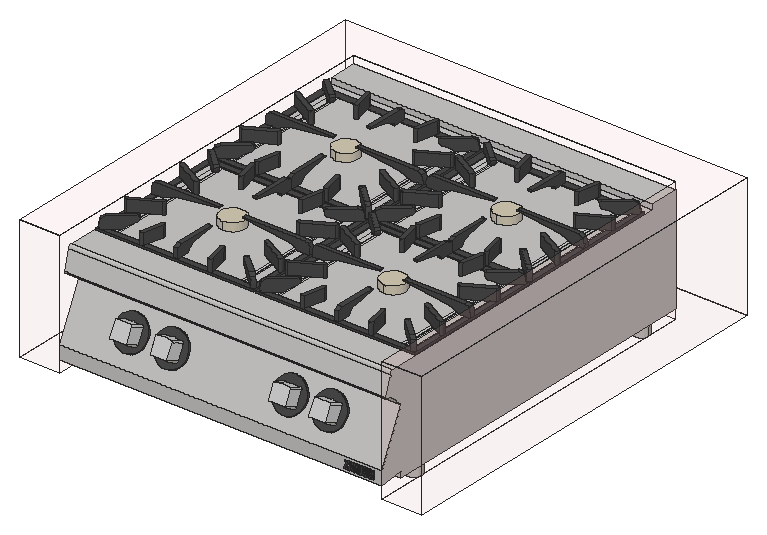
Revit family "QF_ZANUSSI_392193_Z9GCTH4Y00", category Attrezzature speciali, Revit 2020
Family settings
  Quota connettore circolare = Usa diametro
  Tipo di parte = Normale
  Basato su piano di lavoro = No
  Sempre verticale = Sì
  Taglio con vuoti quando caricato = No
  Condiviso = No
  Punto di calcolo locali = No
Parameters (values of type "Standard")
  Weight = 79.00 kg
  Watts = 0 W
  Volts = 0 V
  URL Manufacturer = "http://www.zanussiprofessional.com"
  URL = "http://www.zanussiprofessional.com"
  Steam Supply Size = 0 mm
  Steam Supply Minimum Pressure = 0.0 Pa
  Steam Supply Maximum Pressure = 0.0 Pa
  Steam Consumption per Hour = 0
  Show Logo [instance] = yes
  Show Clearance [instance] = yes
  Refrigeration Suction Line Size = 0 mm
  Refrigeration Liquid Line Size = 0 mm
  Refrigerant Compressor Remote = yes
  Prospetto di default = 0 mm
  Produttore = "Zanussi"
  Phase = 0
  Modello = "Z9GCTH4Y00"
  Length Actual = 800 mm  # constant formula
  Item Number = "392193"
  Hot Water Size = 0 mm
  Height Actual = 250 mm  # constant formula
  HP = "0 HP"
  Gas Size = 12.7 mm
  Gas KW = 28
  Gas Input Pressure = 0.511896 W
  Direct Waste Size = 0 mm
  Descrizione = "4-BURNER GAS BOILING TOP 800 MM TOWN GAS"
  Depth Actual = 900 mm  # constant formula
  Cycle = 0 Hz
  Condensate Return Size = 0 mm
  Compressed Air Volume = 0.0 L/s
  Compressed Air Size = 0 mm
  Compressed Air Pressure = 0.0 Pa
  Cold Water Size = 0 mm
  Accessory = yes
Reference planes
  plane 1 "Back": y = 0
  plane 2: z = 0
  plane 3 "Left": x = 0
  plane 4: x = 800
  plane 5: z = 275
  plane 6: x = 400
  plane 7: y = 100
  plane 8: x = 900
  plane 9: x = -100
  plane 10: y = -82
  plane 11: y = -988.75
  plane 12: y = -915
  plane 13: y = -457.5
Forms (mm)
  Extrusion 1, solid, material "QF_Finishes_Stainless Steel"
    sketch origin (0, 0, 1) x (0, 1, 0) y (0, 0, 1)
      loop
        line (0, 23) -> (0, 289) -> (-69.85, 289) -> (-69.85, 274) -> (-879.358, 274)
        arc (-879.358, 274) -> (-884.643, 271.811) -> (-886.833, 266.526) r 7.474
        line (-886.833, 266.526) -> (-899.884, 221.011)
        arc (-899.884, 221.011) -> (-899.396, 218.379) -> (-897, 217.184) r 3
        line (-897, 217.184) -> (-886.802, 217.184) -> (-854.982, 185.364) -> (-915, 64.508) -> (-915, 29.508) -> (-858.645, 37.428)
        arc (-858.645, 37.428) -> (-856.101, 36.674) -> (-855, 34.259) r 3.2
        line (-855, 34.259) -> (-855, 23) -> (0, 23)
    from 0 to 800
  Extrusion 2, solid, material "QF_Finishes_Clearance", visible <- "Show Clearance"
    sketch origin (0, 0, 0) x (1, 0, 0) y (0, 1, 0)
      loop
        line (0, -915) -> (0, 0) -> (800, 0) -> (800, -915) -> (900, -915) -> (900, 100) -> (-100, 100) -> (-100, -915) -> (0, -915)
    from 0 to 308.575
  Extrusion 3, solid, material "QF_Finishes_Stainless Steel"
    sketch origin (1120.814, -525.308, 19) x (1, 0, 0) y (0, 1, 0)
      loop
        circle (-372.814, -339.442) r 8
    from 0 to 5
  Extrusion 4, solid, material "QF_Finishes_Stainless Steel"
    sketch origin (1120.814, 5, 215.192) x (1, 0, 0) y (0, 0, 1)
      loop
        circle (-372.814, -140.692) r 8
    from 0 to 5
Dimensions and locks
  plane 3 "Left" to plane 4 = 800 mm
  plane 5 to level = 275 mm
  equal spacing: plane 3 "Left", plane 6, plane 4
  plane 1 "Back" to plane 7 = 100 mm
  plane 9 to plane 3 "Left" = 100 mm
  plane 4 to plane 8 = 100 mm
  plane 1 "Back" to Extrusion 1 sketch curve = 915 mm
  plane 1 "Back" to plane 10 to plane 12 to plane 11 = 82 mm, 833 mm, 73.75 mm
  equal spacing: plane 12, plane 13, plane 1 "Back"
  plane 1 "Back" to plane 12 = 915 mm
  aligned and locked: level to plane 2
Automatic sketch dimensions
  Extrusion 2 sketch curve to plane 9 = 0 mm
  Extrusion 2 sketch curve to plane 3 "Left" = 0 mm
  plane 1 "Back" to Extrusion 2 sketch curve = 0 mm
  Extrusion 2 sketch curve to plane 4 = 0 mm
  Extrusion 2 sketch curve to plane 7 = 0 mm
  Extrusion 2 sketch curve to plane 8 = 0 mm
  plane 5 to Extrusion 1 sketch curve = 0 mm
  Extrusion 1 sketch curve to plane 1 "Back" = 0 mm
  Extrusion 1 sketch curve to Extrusion 1 sketch curve = 2.884 mm
  Extrusion 1 sketch curve to Extrusion 1 sketch curve = 0.445 mm
  Extrusion 1 sketch curve to Extrusion 1 sketch curve = 3.2 mm
  plane 1 "Back" to Extrusion 1 sketch curve = 69.85 mm
  Extrusion 1 sketch curve to Extrusion 1 sketch curve = 45.515 mm
  Extrusion 1 sketch curve to Extrusion 1 sketch curve = 0.827 mm
  Extrusion 1 sketch curve to Extrusion 1 sketch curve = 31.82 mm  (x2)
  level to Extrusion 1 sketch curve = 65.508 mm
  level to Extrusion 1 sketch curve = 38.428 mm
  level to Extrusion 1 sketch curve = 30.508 mm
  Extrusion 1 sketch curve to Extrusion 1 sketch curve = 11.259 mm
  Extrusion 1 sketch curve to plane 5 = 15 mm
  Extrusion 1 sketch curve to Extrusion 1 sketch curve = 13.082 mm
  plane 4 to Extrusion 3 sketch curve = 52 mm
  plane 4 to Extrusion 4 sketch curve = 52 mm
  level to Extrusion 4 sketch curve = 74.5 mm
  plane 12 to Extrusion 1 sketch curve = 15.116 mm
  plane 5 to Extrusion 1 sketch curve = 7.474 mm
  plane 12 to Extrusion 1 sketch curve = 28.167 mm
  plane 12 to Extrusion 1 sketch curve = 56.355 mm
  Extrusion 2 sketch curve to plane 12 = 0 mm  (x2)
  plane 11 to Extrusion 3 sketch curve = 124 mm
  radius of Extrusion 3 sketch curve = 8 mm
  radius of Extrusion 4 sketch curve = 8 mm
Nested families
  nested 1: "ZANUSSI_Logo" at (749.92, -915, 98) x (1, 0, 0) z (0, -1, 0), Show Logo <- "Show Logo", visible <- "Show Logo", type "ZANUSSI_Logo"
    with Show Logo yes
  nested 2: "Piedino 24x19 mm" at (19, -82, 0), type "Piedino 24x19 mm"
  nested 3: "Piedino 24x19 mm" at (19, -790, 0), type "Piedino 24x19 mm"
  nested 4: "Piedino 24x19 mm" at (781, -82, 0) x (-1, 0, 0) z (0, 0, 1), type "Piedino 24x19 mm"
  nested 5: "Piedino 24x19 mm" at (781, -790, 0) x (-1, 0, 0) z (0, 0, 1), type "Piedino 24x19 mm"
  nested 6: "CONTROLLER_XP-ZAN" at (596.46, -882.317, 131.321) x (-1, 0, 0) z (0, -0.8956, 0.4448), type "CONTROLLER_XP-ZAN"
  nested 7: "CONTROLLER_XP-ZAN" at (598.54, -882.317, 131.321) x (1, 0, 0) z (0, -0.8956, 0.4448), type "CONTROLLER_XP-ZAN"
  nested 8: "CONTROLLER_XP-ZAN" at (203.54, -882.317, 131.321) x (1, 0, 0) z (0, -0.8956, 0.4448), type "CONTROLLER_XP-ZAN"
  nested 9: "CONTROLLER_XP-ZAN" at (201.46, -882.317, 131.321) x (-1, 0, 0) z (0, -0.8956, 0.4448), type "CONTROLLER_XP-ZAN"
  nested 10: "ZANUSSI_BURNER" at (3.068, -453.131, -575.85), type "ZANUSSI_BURNER"
    with Status "", Specification by User "", Revision Code "", Item Number "", Installed By "", Identify Quantity as Lot yes, Furnished By "", Foodservice Equipment Identifier yes
  nested 11: "ZANUSSI_BURNER" at (3.068, -449.989, -575.85), type "ZANUSSI_BURNER"
    with Status "", Specification by User "", Revision Code "", Item Number "", Installed By "", Identify Quantity as Lot yes, Furnished By "", Foodservice Equipment Identifier yes
  nested 12: "ZANUSSI_BURNER" at (796.932, -453.131, -575.85) x (-1, 0, 0) z (0, 0, 1), type "ZANUSSI_BURNER"
    with Status "", Specification by User "", Revision Code "", Item Number "", Installed By "", Identify Quantity as Lot yes, Furnished By "", Foodservice Equipment Identifier yes
  nested 13: "ZANUSSI_BURNER" at (796.932, -449.989, -575.85) x (-1, 0, 0) z (0, 0, 1), type "ZANUSSI_BURNER"
    with Status "", Specification by User "", Revision Code "", Item Number "", Installed By "", Identify Quantity as Lot yes, Furnished By "", Foodservice Equipment Identifier yes
Connectors
  piping at (748, -864.75, 19), diameter 12.7, driven by "Gas Size"
    settings: on Extrusion 3, index 14, connector inside diameter 609.6 mm, connector length 0 mm, flow factor 0, pipe flow 0.0 L/s, pressure drop 0.0 Pa, fitting loss kfactor 0, connector angle 0.00°, fixture units 0, engagement length 0 mm, angle of deflection 0.00°, flow configuration 0, flow direction 0, fitting loss method 0, system type 29, joint type 0, gender type 0, connector reference index -1, connector utility 0, adjustable connector no, is connector primary yes, connector description "Gas Connection"
  piping at (748, 5, 74.5), diameter 12.7, driven by "Gas Size"
    settings: on Extrusion 4, index 15, connector inside diameter 609.6 mm, connector length 0 mm, flow factor 0, pipe flow 0.0 L/s, pressure drop 0.0 Pa, fitting loss kfactor 0, connector angle 0.00°, fixture units 0, engagement length 0 mm, angle of deflection 0.00°, flow configuration 0, flow direction 0, fitting loss method 0, system type 29, joint type 0, gender type 0, connector reference index -1, connector utility 0, adjustable connector no, is connector primary no, connector description "Gas Connection"
Definition of nested family "ZANUSSI_Logo"
  Parameters (values of type "ZANUSSI_Logo")
    Show Logo [instance] = yes
    Default Elevation = 1219.2 mm
  Reference planes
    plane 1 "Center (Front/Back)": y = -49
    plane 2: z = 0
    plane 3 "Center (Left/Right)": x = -9.92
  Forms (mm)
    Extrusion 1, solid
      sketch origin (0, 0, 0) x (1, 0, 0) y (0, 1, 0)
        loop
          line (-1219.2, 1219.2) -> (-1219.2, -1219.2) -> (1219.2, -1219.2) -> (1219.2, 1219.2) -> (-1219.2, 1219.2)
      from 0 to -304.8
    Extrusion 2, solid, visible <- "Show Logo"
      sketch origin (106.353, -215.165, -50) x (1, 0, 0) y (0, 1, 0)
        loop
          line (-137.419, 156.48) -> (-137.419, 160.444) -> (-143.365, 160.444) -> (-137.419, 172.566) -> (-137.419, 175.851) -> (-147.274, 175.851) -> (-147.274, 172.226) -> (-142.063, 172.339) -> (-147.728, 160.444) -> (-147.728, 156.48) -> (-137.419, 156.48)
        loop
          line (-131.729, 163.73) -> (-129.463, 163.73) -> (-130.596, 172.54) -> (-131.729, 163.73)
        loop
          line (-132.748, 156.48) -> (-132.182, 160.218) -> (-128.897, 160.218) -> (-128.33, 156.48) -> (-124.252, 156.48) -> (-127.877, 175.851) -> (-133.315, 175.851) -> (-136.826, 156.48) -> (-132.748, 156.48)
        loop
          line (-123.75, 175.851) -> (-123.75, 156.48) -> (-120.238, 156.48) -> (-120.238, 169.281) -> (-116.953, 156.48) -> (-112.648, 156.48) -> (-112.648, 175.851) -> (-116.273, 175.851) -> (-116.273, 163.503) -> (-119.558, 175.851) -> (-123.75, 175.851)
        loop
          arc (-111.742, 161.27) -> (-106.896, 156.448) -> (-101.433, 160.558) r 5.22
          line (-101.433, 160.558) -> (-101.433, 175.851) -> (-105.398, 175.851) -> (-105.398, 161.464)
          arc (-105.398, 161.464) -> (-106.44, 160.263) -> (-107.777, 161.124) r 1.214
          line (-107.777, 161.124) -> (-107.777, 175.851) -> (-111.742, 175.851) -> (-111.742, 161.27)
        loop
          line (-94.069, 169.734) -> (-90.331, 169.734) -> (-90.269, 171.495)
          arc (-90.269, 171.495) -> (-90.53, 173.458) -> (-91.761, 175.009) r 3.719
          arc (-91.761, 175.009) -> (-95.38, 176.189) -> (-98.998, 175.009) r 6.139
          arc (-98.998, 175.009) -> (-100.474, 172.145) -> (-100.291, 168.927) r 6.125
          arc (-100.291, 168.927) -> (-99.079, 167.149) -> (-97.591, 165.594) r 13.068
          line (-97.591, 165.594) -> (-95.921, 164.113)
          arc (-95.921, 164.113) -> (-94.934, 163.275) -> (-94.167, 162.233) r 5.571
          arc (-94.167, 162.233) -> (-94.357, 160.41) -> (-96.143, 160.003) r 1.573
          arc (-96.143, 160.003) -> (-96.681, 160.547) -> (-96.911, 161.277) r 1.631
          arc (-96.911, 161.277) -> (-96.929, 161.791) -> (-96.911, 162.305) r 7.441
          arc (-96.911, 162.305) -> (-96.895, 162.791) -> (-96.911, 163.277) r 7.03
          line (-96.911, 163.277) -> (-100.866, 163.277)
          arc (-100.866, 163.277) -> (-100.828, 160.504) -> (-99.735, 157.955) r 7.131
          arc (-99.735, 157.955) -> (-94.571, 156.484) -> (-90.221, 159.633) r 6.148
          arc (-90.221, 159.633) -> (-90.141, 162.884) -> (-91.536, 165.823) r 7.021
          line (-91.536, 165.823) -> (-95.882, 169.734)
          arc (-95.882, 169.734) -> (-96.47, 170.472) -> (-96.785, 171.362) r 2.858
          arc (-96.785, 171.362) -> (-95.666, 172.959) -> (-94.069, 171.84) r 1.379
          line (-94.069, 171.84) -> (-94.069, 169.734)
        loop
          line (-82.771, 169.734) -> (-79.033, 169.734) -> (-78.971, 171.495)
          arc (-78.971, 171.495) -> (-79.232, 173.458) -> (-80.463, 175.009) r 3.719
          arc (-80.463, 175.009) -> (-84.081, 176.189) -> (-87.7, 175.009) r 6.139
          arc (-87.7, 175.009) -> (-89.175, 172.145) -> (-88.993, 168.927) r 6.125
          arc (-88.993, 168.927) -> (-87.781, 167.149) -> (-86.293, 165.594) r 13.068
          line (-86.293, 165.594) -> (-84.623, 164.113)
          arc (-84.623, 164.113) -> (-83.636, 163.275) -> (-82.869, 162.233) r 5.571
          arc (-82.869, 162.233) -> (-83.059, 160.41) -> (-84.845, 160.003) r 1.573
          arc (-84.845, 160.003) -> (-85.383, 160.547) -> (-85.613, 161.277) r 1.631
          arc (-85.613, 161.277) -> (-85.631, 161.791) -> (-85.613, 162.305) r 7.441
          arc (-85.613, 162.305) -> (-85.596, 162.791) -> (-85.613, 163.277) r 7.03
          line (-85.613, 163.277) -> (-89.568, 163.277)
          arc (-89.568, 163.277) -> (-89.53, 160.504) -> (-88.437, 157.955) r 7.131
          arc (-88.437, 157.955) -> (-83.272, 156.484) -> (-78.922, 159.633) r 6.148
          arc (-78.922, 159.633) -> (-78.843, 162.884) -> (-80.238, 165.823) r 7.021
          line (-80.238, 165.823) -> (-84.584, 169.734)
          arc (-84.584, 169.734) -> (-85.171, 170.472) -> (-85.486, 171.362) r 2.858
          arc (-85.486, 171.362) -> (-84.368, 172.959) -> (-82.771, 171.84) r 1.379
          line (-82.771, 171.84) -> (-82.771, 169.734)
        loop
          line (-78.21, 175.851) -> (-78.21, 156.48) -> (-74.245, 156.48) -> (-74.245, 175.851) -> (-78.21, 175.851)
      from 50 to 51.6
  Dimensions and locks
    aligned and locked: plane 2 to Extrusion 1
    aligned and locked: level to Extrusion 1
Definition of nested family "Piedino 24x19 mm"
  Parameters (values of type "Piedino 24x19 mm")
    Default Elevation = 0 mm
    P = 930 mm
    L = 400 mm
    H = 290 mm
  Reference planes
    plane 1: y = 0
    plane 2: z = 0
    plane 3: x = 0
    plane 4: z = 290
    plane 5: z = 24
    plane 6: z = 55
  Forms (mm)
    Extrusion 1, solid
      sketch origin (-373.847, 979.72, 0) x (1, 0, 0) y (0, 1, 0)
        loop
          circle (373.847, -979.72) r 19
      from 0 to 24
  Dimensions and locks
    "H": plane 4 to level
    plane 4 to plane 5 to level = 266 mm, 24 mm
    level to plane 6 = 55 mm
    aligned and locked: level to plane 2
  Automatic sketch dimensions
    plane 3 to Extrusion 1 sketch curve = 0 mm
    plane 1 to Extrusion 1 sketch curve = 0 mm
    radius of Extrusion 1 sketch curve = 19 mm
Definition of nested family "CONTROLLER_XP-ZAN"
  Parameters (values of type "CONTROLLER_XP-ZAN")
    Default Elevation = 0 mm
  Reference planes
    plane 1 "Centro (Fronte/Retro)": y = 0
    plane 2: z = 0
    plane 3 "Centro (Sinistra/Destra)": x = 0
    plane 4: x = -51.067
    plane 5: x = 51.067
    plane 6: x = 93.481
    plane 7: x = -93.481
  Forms (mm)
    Extrusion 1, solid
      sketch origin (0, 0, 0) x (1, 0, 0) y (0, 1, 0)
        loop
          line (-1219.2, 1219.2) -> (-1219.2, -1219.2) -> (1219.2, -1219.2) -> (1219.2, 1219.2) -> (-1219.2, 1219.2)
      from 0 to -304.8
    Extrusion 2, solid
      sketch origin (-46.381, -48.923, 0) x (1, 0, 0) y (0, 1, 0)
        loop
          circle (-4.687, 48.923) r 42.414
      from 0 to 3.175
    Blend 3, solid
      base sketch origin (-46.381, -48.923, 3.175) x (1, 0, 0) y (0, 1, 0)
        loop
          line (-23.687, 25.923) -> (14.313, 25.923)
          arc (14.313, 25.923) -> (17.142, 27.095) -> (18.313, 29.923) r 4
          line (18.313, 29.923) -> (18.313, 66.519)
          arc (18.313, 66.519) -> (17.342, 69.132) -> (14.901, 70.476) r 4
          arc (14.901, 70.476) -> (-4.687, 71.923) -> (-24.275, 70.476) r 133.25
          arc (-24.275, 70.476) -> (-26.716, 69.132) -> (-27.687, 66.519) r 4
          line (-27.687, 66.519) -> (-27.687, 29.923)
          arc (-27.687, 29.923) -> (-26.515, 27.095) -> (-23.687, 25.923) r 4
      top sketch origin (-46.381, -48.923, 3.175) x (1, 0, 0) y (0, 1, 0)
        loop
          line (-25.687, 66.519) -> (-25.687, 29.923)
          arc (-25.687, 29.923) -> (-25.101, 28.509) -> (-23.687, 27.923) r 2
          line (-23.687, 27.923) -> (14.313, 27.923)
          arc (14.313, 27.923) -> (15.727, 28.509) -> (16.313, 29.923) r 2
          line (16.313, 29.923) -> (16.313, 66.519)
          arc (16.313, 66.519) -> (15.828, 67.825) -> (14.607, 68.498) r 2
          arc (14.607, 68.498) -> (-4.687, 69.923) -> (-23.981, 68.498) r 131.25
          arc (-23.981, 68.498) -> (-25.201, 67.825) -> (-25.687, 66.519) r 2
      from 0 to 33
  Lines and regions (mm)
    Split face 1
      outline origin (-46.381, -48.923, 36.175) x (1, 0, 0) y (0, 1, 0)
        loop
          line (-6.687, 69.908) -> (-6.687, 62.923) -> (-2.687, 62.923) -> (-2.687, 69.908)
  Dimensions and locks
    aligned and locked: plane 2 to Extrusion 1
    aligned and locked: level to Extrusion 1
Definition of nested family "ZANUSSI_BURNER"
  Parameters (values of type "ZANUSSI_BURNER")
    Weight in Pounds = 0
    URL Cutsheet = ""
    URL = "www.electrolux.com"
    Type Mark [instance] = ""
    Status [instance] = ""
    Specification by User [instance] = ""
    Specification by Manufacturer = ""
    Show Clearance [instance] = yes
    Serial Number = ""
    Seismic Rating = ""
    SMACNA No = ""
    Revision Code [instance] = ""
    Default Elevation = 0 mm
    Omniclass Number and Title = ""
    NAFEM Spec ID Number = ""
    Model = "392010"
    Masterspec = ""
    Manufacturer = "ELECTROLUX"
    Item Number [instance] = ""
    Installed By [instance] = ""
    Identify Quantity as Lot [instance] = yes
    Furnished By [instance] = ""
    Foodservice Equipment Identifier [instance] = yes
    Description = ""
    CSI MasterFormat = ""
    CSI Master Format = ""
  Reference planes
    plane 1 "BACK": y = 0
    plane 2: z = 0
    plane 3 "LEFT": x = 0
    plane 4 "RIGHT": x = 393.7
    plane 5 "FRONT": y = -355.6
    plane 6 "TOP": z = 908.85
    plane 7 "Center Y": x = 196.85
    plane 8 "Center X": y = -177.8
    plane 9 "Base": z = 150
    plane 10: z = 850.85
  Forms (mm)
    Extrusion 1, solid
      sketch origin (-6.433, -404.961, 5) x (1, 0, 0) y (0, 0, -1)
        loop
          arc (7.142, -850.85) -> (6.739, -862.989) -> (9.761, -874.752) r 42.809
          line (9.761, -874.752) -> (19.961, -879.425) -> (173.122, -879.425)
          arc (173.122, -879.425) -> (174.316, -878.312) -> (173.289, -877.043) r 1.197
          line (173.289, -877.043) -> (64.848, -864.021)
          arc (64.848, -864.021) -> (50.111, -858.738) -> (36.589, -850.85) r 85.245
          line (36.589, -850.85) -> (7.142, -850.85)
        loop
          line (399.424, -850.85) -> (369.977, -850.85)
          arc (369.977, -850.85) -> (356.455, -858.738) -> (341.718, -864.021) r 85.245
          line (341.718, -864.021) -> (233.277, -877.043)
          arc (233.277, -877.043) -> (232.25, -878.312) -> (233.444, -879.425) r 1.197
          line (233.444, -879.425) -> (386.605, -879.425) -> (396.806, -874.752)
          arc (396.806, -874.752) -> (399.827, -862.989) -> (399.424, -850.85) r 42.809
      from 224.564 to 234.564
    Extrusion 2, solid
      sketch origin (196.85, 175.397, 1219.2) x (0, 1, 0) y (0, 0, 1)
        loop
          line (-204.463, -363.35) -> (-175.397, -363.35) -> (-175.397, -339.506)
          arc (-175.397, -339.506) -> (-181.025, -338.266) -> (-185.611, -334.775) r 13.39
          line (-185.611, -334.775) -> (-278.903, -334.775)
          arc (-278.903, -334.775) -> (-280.097, -335.888) -> (-279.07, -337.157) r 1.197
          line (-279.07, -337.157) -> (-227.151, -347.464)
          arc (-227.151, -347.464) -> (-213.741, -352.457) -> (-204.463, -363.35) r 28.426
        loop
          arc (-496.332, -363.35) -> (-487.053, -352.457) -> (-473.644, -347.464) r 28.426
          line (-473.644, -347.464) -> (-421.725, -337.157)
          arc (-421.725, -337.157) -> (-420.697, -335.888) -> (-421.891, -334.775) r 1.197
          line (-421.891, -334.775) -> (-515.184, -334.775)
          arc (-515.184, -334.775) -> (-519.769, -338.266) -> (-525.397, -339.506) r 13.39
          line (-525.397, -339.506) -> (-525.397, -363.35) -> (-496.332, -363.35)
      from -5 to 5
    Extrusion 3, solid
      sketch origin (-6.433, 367.064, 850.85) x (0, -1, 0) y (1, 0, 0)
        loop
          line (722.664, 6.433) -> (722.664, 400.133) -> (367.064, 400.133) -> (367.064, 6.433) -> (722.664, 6.433)
        loop
          line (382.064, 21.433) -> (707.664, 21.433) -> (707.664, 385.133) -> (382.064, 385.133) -> (382.064, 21.433)
      from 0 to 5
    Extrusion 4, solid
      sketch origin (-18.933, 367.064, 855.85) x (0, -1, 0) y (1, 0, 0)
        loop
          circle (541.667, 215.783) r 30
      from -1.321 to 17.134
    Extrusion 5, solid
      sketch origin (-6.433, -367.064, 0) x (1, 0, 0) y (0, 0, -1)
        loop
          line (21.433, -855.85) -> (36.589, -855.85)
          arc (36.589, -855.85) -> (40.561, -855.243) -> (44.305, -853.783) r 18.259
          arc (44.305, -853.783) -> (45.997, -853.366) -> (47.69, -853.783) r 3.649
          arc (47.69, -853.783) -> (49.901, -854.522) -> (52.232, -854.529) r 7.328
          line (52.232, -854.529) -> (354.334, -854.529)
          arc (354.334, -854.529) -> (356.666, -854.522) -> (358.877, -853.783) r 7.328
          arc (358.877, -853.783) -> (360.569, -853.366) -> (362.261, -853.783) r 3.649
          arc (362.261, -853.783) -> (366.005, -855.243) -> (369.977, -855.85) r 18.259
          line (369.977, -855.85) -> (385.133, -855.85) -> (385.133, -850.85) -> (21.433, -850.85) -> (21.433, -855.85)
      from 26.464 to 352.064
    Extrusion 6, solid
      sketch origin (83.284, -458.334, 5) x (0.742103, 0.670286, 0) y (0, 0, -1)
        loop
          arc (88.629, -864.012) -> (73.909, -858.731) -> (60.402, -850.85) r 85.245
          line (60.402, -850.85) -> (14.993, -850.85)
          arc (14.993, -850.85) -> (14.642, -862.948) -> (17.686, -874.663) r 42.876
          line (17.686, -874.663) -> (27.899, -879.425) -> (89.664, -879.425)
          arc (89.664, -879.425) -> (92.39, -878.352) -> (93.654, -875.709) r 4
          arc (93.654, -875.709) -> (92.562, -869.25) -> (88.629, -864.012) r 13.87
        loop
          arc (457.638, -864.012) -> (453.704, -869.25) -> (452.613, -875.709) r 13.87
          arc (452.613, -875.709) -> (453.876, -878.352) -> (456.603, -879.425) r 4
          line (456.603, -879.425) -> (518.367, -879.425) -> (528.581, -874.663)
          arc (528.581, -874.663) -> (531.624, -862.948) -> (531.273, -850.85) r 42.876
          line (531.273, -850.85) -> (485.865, -850.85)
          arc (485.865, -850.85) -> (472.357, -858.731) -> (457.638, -864.012) r 85.245
      from 127.064 to 137.064
    Extrusion 7, solid
      sketch origin (310.416, -458.334, 5) x (-0.742103, 0.670286, 0) y (0, 0, 1)
        loop
          arc (88.629, 864.012) -> (92.562, 869.25) -> (93.654, 875.709) r 13.87
          arc (93.654, 875.709) -> (92.39, 878.352) -> (89.664, 879.425) r 4
          line (89.664, 879.425) -> (27.899, 879.425) -> (17.686, 874.663)
          arc (17.686, 874.663) -> (14.642, 862.948) -> (14.993, 850.85) r 42.876
          line (14.993, 850.85) -> (60.402, 850.85)
          arc (60.402, 850.85) -> (73.909, 858.731) -> (88.629, 864.012) r 85.245
        loop
          arc (457.638, 864.012) -> (472.357, 858.731) -> (485.865, 850.85) r 85.245
          line (485.865, 850.85) -> (531.273, 850.85)
          arc (531.273, 850.85) -> (531.624, 862.948) -> (528.581, 874.663) r 42.876
          line (528.581, 874.663) -> (518.367, 879.425) -> (456.603, 879.425)
          arc (456.603, 879.425) -> (453.876, 878.352) -> (452.613, 875.709) r 4
          arc (452.613, 875.709) -> (453.704, 869.25) -> (457.638, 864.012) r 13.87
      from 127.064 to 137.064
    Extrusion 8, solid
      sketch origin (-6.433, 367.064, 855.85) x (0, -1, 0) y (1, 0, 0)
        loop
          arc (626.166, 9.428) -> (632.956, 7.454) -> (634.93, 14.244) r 5
          line (634.93, 14.244) -> (600.514, 76.878)
          arc (600.514, 76.878) -> (593.724, 78.852) -> (591.75, 72.062) r 5
          line (591.75, 72.062) -> (626.166, 9.428)
        loop
          line (463.562, 9.428) -> (497.977, 72.062)
          arc (497.977, 72.062) -> (496.003, 78.852) -> (489.213, 76.878) r 5
          line (489.213, 76.878) -> (454.798, 14.244)
          arc (454.798, 14.244) -> (456.772, 7.454) -> (463.562, 9.428) r 5
        loop
          line (626.166, 397.138) -> (591.75, 334.504)
          arc (591.75, 334.504) -> (593.724, 327.714) -> (600.514, 329.689) r 5
          line (600.514, 329.689) -> (634.93, 392.323)
          arc (634.93, 392.323) -> (632.956, 399.113) -> (626.166, 397.138) r 5
        loop
          arc (463.562, 397.138) -> (456.772, 399.113) -> (454.798, 392.323) r 5
          line (454.798, 392.323) -> (489.213, 329.689)
          arc (489.213, 329.689) -> (496.003, 327.714) -> (497.977, 334.504) r 5
          line (497.977, 334.504) -> (463.562, 397.138)
        loop
          line (715.14, 293.499) -> (666.703, 282.317)
          arc (666.703, 282.317) -> (662.956, 276.32) -> (668.953, 272.573) r 5
          line (668.953, 272.573) -> (717.389, 283.756)
          arc (717.389, 283.756) -> (721.136, 289.752) -> (715.14, 293.499) r 5
        loop
          arc (715.14, 113.067) -> (721.136, 116.814) -> (717.389, 122.811) r 5
          line (717.389, 122.811) -> (668.953, 133.993)
          arc (668.953, 133.993) -> (662.956, 130.246) -> (666.703, 124.249) r 5
          line (666.703, 124.249) -> (715.14, 113.067)
        loop
          arc (374.588, 293.499) -> (368.591, 289.752) -> (372.338, 283.756) r 5
          line (372.338, 283.756) -> (420.775, 272.573)
          arc (420.775, 272.573) -> (426.771, 276.32) -> (423.024, 282.317) r 5
          line (423.024, 282.317) -> (374.588, 293.499)
        loop
          line (374.588, 113.067) -> (423.024, 124.249)
          arc (423.024, 124.249) -> (426.771, 130.246) -> (420.775, 133.993) r 5
          line (420.775, 133.993) -> (372.338, 122.811)
          arc (372.338, 122.811) -> (368.591, 116.814) -> (374.588, 113.067) r 5
      from 0 to 28.575
  Lines and regions (mm)
    symbolic lines
      curve 1: line (157.475, -170.397, 150) -> (157.475, -15, 150)
      curve 2: line (236.225, -170.397, 150) -> (236.225, -15, 150)
      curve 3: arc (158.678, -180.397, 0) -> (170.734, -200.207, 0) -> (191.85, -209.795, 0) r 39.375
      curve 4: line (163.825, -170.397, 150) -> (163.825, -15, 150)
      curve 5: line (229.875, -170.397, 150) -> (229.875, -15, 150)
      curve 6: line (144.775, -170.397, 150) -> (144.775, -15, 150)
      curve 7: line (248.925, -170.397, 150) -> (248.925, -15, 150)
      curve 8: arc (145.678, -180.397, 0) -> (161.728, -209.187, 0) -> (191.85, -222.573, 0) r 52.075
      curve 9: arc (201.85, -209.795, 0) -> (222.966, -200.207, 0) -> (235.022, -180.397, 0) r 39.375
      curve 10: arc (201.85, -222.573, 0) -> (231.931, -209.224, 0) -> (248.001, -180.504, 0) r 52.075
  Dimensions and locks
    equal spacing: plane 3 "LEFT", plane 7 "Center Y", plane 4 "RIGHT"
    plane 3 "LEFT" to plane 4 "RIGHT" = 393.7 mm
    equal spacing: plane 5 "FRONT", plane 8 "Center X", plane 1 "BACK"
    plane 5 "FRONT" to plane 1 "BACK" = 355.6 mm
    plane 6 "TOP" to level = 908.85 mm
    plane 9 "Base" to level = 150 mm
    plane 6 "TOP" to plane 10 = 58 mm  (x2)
    locked: Extrusion 4 sketch curve to plane 7 "Center Y" at 0
    aligned and locked: level to plane 2
  Automatic sketch dimensions
    plane 1 "BACK" to curve 7 = 15 mm
    plane 7 "Center Y" to curve 7 = 52.075 mm
    curve 7 to curve 2 = 12.7 mm
    curve 2 to curve 5 = 6.35 mm
    curve 4 to curve 1 = 6.35 mm
    plane 8 "Center X" to curve 6 = 7.403 mm
    curve 1 to curve 6 = 12.7 mm
    plane 3 "LEFT" to Extrusion 1 sketch curve = 0.709 mm
    plane 3 "LEFT" to Extrusion 1 sketch curve = 3.327 mm
    Extrusion 1 sketch curve to Extrusion 1 sketch curve = 10.201 mm
    plane 10 to Extrusion 1 sketch curve = 5 mm  (x2)
    Extrusion 1 sketch curve to Extrusion 1 sketch curve = 29.447 mm
    Extrusion 1 sketch curve to Extrusion 1 sketch curve = 12.704 mm  (x2)
    Extrusion 1 sketch curve to Extrusion 1 sketch curve = 15.555 mm  (x2)
    plane 3 "LEFT" to Extrusion 1 sketch curve = 79.689 mm
    Extrusion 1 sketch curve to plane 7 "Center Y" = 30.161 mm
    Extrusion 1 sketch curve to Extrusion 1 sketch curve = 0.167 mm  (x2)
    plane 7 "Center Y" to Extrusion 1 sketch curve = 29.994 mm
    Extrusion 1 sketch curve to plane 4 "RIGHT" = 79.689 mm
    plane 10 to Extrusion 1 sketch curve = 18.171 mm
    Extrusion 1 sketch curve to plane 4 "RIGHT" = 58.415 mm
    Extrusion 1 sketch curve to plane 4 "RIGHT" = 13.528 mm
    Extrusion 1 sketch curve to plane 4 "RIGHT" = 3.327 mm
    Extrusion 1 sketch curve to plane 4 "RIGHT" = 0.709 mm
    Extrusion 1 sketch curve to Extrusion 1 sketch curve = 23.902 mm  (x2)
    Extrusion 1 sketch curve to plane 6 "TOP" = 26.807 mm  (x2)
    Extrusion 1 sketch curve to Extrusion 1 sketch curve = 1.185 mm  (x2)
    Extrusion 1 sketch curve to Extrusion 1 sketch curve = 5.694 mm
    Extrusion 2 sketch curve to plane 1 "BACK" = 0 mm
    plane 1 "BACK" to Extrusion 2 sketch curve = 10.213 mm
    plane 10 to Extrusion 2 sketch curve = 5 mm  (x2)
    plane 1 "BACK" to Extrusion 2 sketch curve = 29.066 mm
    plane 10 to Extrusion 2 sketch curve = 20.886 mm
    Extrusion 2 sketch curve to Extrusion 2 sketch curve = 22.688 mm  (x2)
    Extrusion 2 sketch curve to plane 10 = 7.392 mm  (x2)
    Extrusion 2 sketch curve to plane 6 "TOP" = 24.425 mm
    Extrusion 2 sketch curve to Extrusion 2 sketch curve = 51.752 mm
    Extrusion 2 sketch curve to plane 6 "TOP" = 26.807 mm  (x2)
    Extrusion 2 sketch curve to Extrusion 2 sketch curve = 0.167 mm  (x2)
    Extrusion 2 sketch curve to plane 8 "Center X" = 68.528 mm
    Extrusion 2 sketch curve to plane 5 "FRONT" = 60.248 mm
    Extrusion 2 sketch curve to Extrusion 2 sketch curve = 2.895 mm
    Extrusion 2 sketch curve to plane 5 "FRONT" = 15.813 mm
    Extrusion 2 sketch curve to plane 5 "FRONT" = 5.6 mm
    Extrusion 2 sketch curve to Extrusion 2 sketch curve = 4.731 mm
    Extrusion 2 sketch curve to Extrusion 2 sketch curve = 23.844 mm
    Extrusion 2 sketch curve to Extrusion 2 sketch curve = 1.185 mm
    plane 1 "BACK" to Extrusion 3 sketch curve = 0 mm
    Extrusion 3 sketch curve to plane 3 "LEFT" = 0 mm
    plane 5 "FRONT" to Extrusion 3 sketch curve = 0 mm
    Extrusion 3 sketch curve to plane 4 "RIGHT" = 0 mm
    plane 1 "BACK" to Extrusion 3 sketch curve = 15 mm
    Extrusion 3 sketch curve to plane 5 "FRONT" = 15 mm
    plane 3 "LEFT" to Extrusion 3 sketch curve = 15 mm
    Extrusion 3 sketch curve to plane 4 "RIGHT" = 15 mm
    Extrusion 3 to Extrusion 4 sketch curve = 159.603 mm
    Extrusion 5 sketch curve to plane 10 = 0 mm
    plane 3 "LEFT" to Extrusion 5 sketch curve = 15 mm
    Extrusion 5 sketch curve to Extrusion 5 sketch curve = 14.402 mm
    plane 10 to Extrusion 5 sketch curve = 5 mm
    Extrusion 5 sketch curve to Extrusion 5 sketch curve = 15.156 mm
    plane 10 to Extrusion 5 sketch curve = 2.933 mm  (x3)
    Extrusion 5 sketch curve to Extrusion 5 sketch curve = 7.716 mm  (x2)
    Extrusion 5 sketch curve to Extrusion 5 sketch curve = 0 mm  (x3)
    Extrusion 5 sketch curve to Extrusion 5 sketch curve = 1.692 mm  (x2)
    Extrusion 5 sketch curve to Extrusion 5 sketch curve = 3.385 mm  (x2)
    Extrusion 5 sketch curve to plane 10 = 3.559 mm  (x2)
    plane 10 to Extrusion 5 sketch curve = 3.679 mm
    Extrusion 5 sketch curve to plane 4 "RIGHT" = 45.799 mm
    Extrusion 5 sketch curve to Extrusion 5 sketch curve = 1.143 mm
    Extrusion 5 sketch curve to plane 10 = 13.244 mm
    Extrusion 5 sketch curve to plane 4 "RIGHT" = 15 mm
    plane 10 to Extrusion 6 sketch curve = 5 mm  (x2)
    Extrusion 6 sketch curve to Extrusion 6 sketch curve = 2.692 mm  (x2)
    Extrusion 6 sketch curve to Extrusion 6 sketch curve = 10.213 mm  (x2)
    plane 10 to Extrusion 6 sketch curve = 12.281 mm
    Extrusion 6 sketch curve to Extrusion 6 sketch curve = 29.348 mm  (x2)
    Extrusion 6 sketch curve to Extrusion 6 sketch curve = 3.155 mm  (x2)
    Extrusion 6 sketch curve to Extrusion 6 sketch curve = 22.572 mm
    Extrusion 6 sketch curve to Extrusion 6 sketch curve = 8.81 mm
    Extrusion 6 sketch curve to Extrusion 6 sketch curve = 9.845 mm  (x2)
    Extrusion 6 sketch curve to Extrusion 6 sketch curve = 3.99 mm  (x2)
    Extrusion 6 sketch curve to Extrusion 6 sketch curve = 0 mm  (x2)
    Extrusion 6 sketch curve to Extrusion 6 sketch curve = 49.533 mm
    Extrusion 6 sketch curve to plane 10 = 64.377 mm
    Extrusion 6 sketch curve to Extrusion 6 sketch curve = 326.397 mm
    Extrusion 6 sketch curve to plane 6 "TOP" = 28.141 mm
    Extrusion 6 sketch curve to Extrusion 6 sketch curve = 16.281 mm
    Extrusion 6 sketch curve to Extrusion 6 sketch curve = 1.035 mm
    Extrusion 6 sketch curve to Extrusion 6 sketch curve = 19.417 mm
    Extrusion 6 sketch curve to Extrusion 6 sketch curve = 4.763 mm  (x2)
    Extrusion 6 sketch curve to Extrusion 6 sketch curve = 3.716 mm
    plane 10 to Extrusion 7 sketch curve = 5 mm  (x2)
    Extrusion 7 sketch curve to Extrusion 7 sketch curve = 2.692 mm  (x2)
    Extrusion 7 sketch curve to Extrusion 7 sketch curve = 10.213 mm  (x2)
    plane 10 to Extrusion 7 sketch curve = 12.281 mm
    Extrusion 7 sketch curve to Extrusion 7 sketch curve = 29.348 mm  (x2)
    Extrusion 7 sketch curve to Extrusion 7 sketch curve = 3.155 mm  (x2)
    Extrusion 7 sketch curve to Extrusion 7 sketch curve = 22.572 mm
    Extrusion 7 sketch curve to Extrusion 7 sketch curve = 8.81 mm
    Extrusion 7 sketch curve to Extrusion 7 sketch curve = 9.845 mm  (x2)
    Extrusion 7 sketch curve to Extrusion 7 sketch curve = 3.99 mm  (x2)
    Extrusion 7 sketch curve to Extrusion 7 sketch curve = 0 mm  (x2)
    Extrusion 7 sketch curve to Extrusion 7 sketch curve = 21.306 mm
    Extrusion 7 sketch curve to plane 10 = 64.377 mm  (x2)
    Extrusion 7 sketch curve to Extrusion 7 sketch curve = 326.397 mm
    Extrusion 7 sketch curve to plane 6 "TOP" = 28.141 mm
    Extrusion 7 sketch curve to Extrusion 7 sketch curve = 16.281 mm
    Extrusion 7 sketch curve to Extrusion 7 sketch curve = 1.035 mm
    Extrusion 7 sketch curve to Extrusion 7 sketch curve = 19.417 mm
    Extrusion 7 sketch curve to Extrusion 7 sketch curve = 7.281 mm
    Extrusion 7 sketch curve to Extrusion 7 sketch curve = 10.713 mm
    curve 3 to curve 8 = 0 mm  (x2)
    curve 3 to curve 9 = 0 mm  (x2)
    curve 3 to curve 10 = 0 mm  (x2)
    curve 3 to plane 7 "Center Y" = 0 mm
    curve 8 to plane 8 "Center X" = 2.597 mm
    curve 8 to plane 7 "Center Y" = 51.172 mm
    curve 3 to plane 8 "Center X" = 2.597 mm
    curve 8 to curve 3 = 12.999 mm
    curve 3 to plane 7 "Center Y" = 5 mm
    curve 8 to plane 7 "Center Y" = 5 mm
    plane 7 "Center Y" to curve 10 = 5 mm
    curve 9 to plane 8 "Center X" = 2.597 mm
    plane 7 "Center Y" to curve 9 = 38.172 mm
    curve 10 to plane 8 "Center X" = 2.704 mm
    curve 9 to curve 10 = 12.979 mm
    curve 10 to plane 8 "Center X" = 44.773 mm
    Extrusion 8 sketch curve to Extrusion 3 = 5.275 mm  (x2)
    Extrusion 8 sketch curve to Extrusion 8 sketch curve = 1.125 mm  (x16)
    Extrusion 3 to Extrusion 8 sketch curve = 38.711 mm  (x2)
    Extrusion 8 sketch curve to Extrusion 3 = 7.19 mm  (x3)
    Extrusion 3 to Extrusion 8 sketch curve = 72.734 mm  (x2)
    Extrusion 8 sketch curve to Extrusion 8 sketch curve = 4.382 mm  (x16)
    Extrusion 8 sketch curve to Extrusion 3 = 2.995 mm  (x4)
    Extrusion 8 sketch curve to Extrusion 8 sketch curve = 34.416 mm  (x4)
    Extrusion 3 to Extrusion 8 sketch curve = 50.629 mm  (x3)
    Extrusion 8 sketch curve to Extrusion 8 sketch curve = 93.773 mm  (x2)
    Extrusion 3 to Extrusion 8 sketch curve = 40.96 mm  (x2)
    Extrusion 8 sketch curve to Extrusion 3 = 7.476 mm  (x2)
    Extrusion 8 sketch curve to Extrusion 8 sketch curve = 2.408 mm  (x4)
    Extrusion 3 to Extrusion 8 sketch curve = 91.634 mm  (x2)
    Extrusion 8 sketch curve to Extrusion 8 sketch curve = 4.872 mm  (x8)
    Extrusion 8 sketch curve to Extrusion 8 sketch curve = 11.182 mm  (x4)
    Extrusion 3 to Extrusion 8 sketch curve = 112.56 mm
    Extrusion 8 sketch curve to Extrusion 8 sketch curve = 61.931 mm
    Extrusion 3 to Extrusion 8 sketch curve = 55.445 mm
    Extrusion 8 sketch curve to Extrusion 8 sketch curve = 4.816 mm
    plane 7 "Center Y" to curve 9 = 5 mm
    plane 8 "Center X" to curve 4 = 7.403 mm
    curve 4 to plane 7 "Center Y" = 33.025 mm
    plane 1 "BACK" to curve 1 = 15 mm
    plane 1 "BACK" to curve 5 = 15 mm
    curve 5 to curve 2 = 0 mm  (x2)
    curve 1 to curve 4 = 0 mm  (x2)
    curve 6 to curve 1 = 0 mm
    plane 8 "Center X" to curve 2 = 7.403 mm
    plane 8 "Center X" to curve 7 = 7.403 mm
    radius of Extrusion 4 sketch curve = 30 mm
